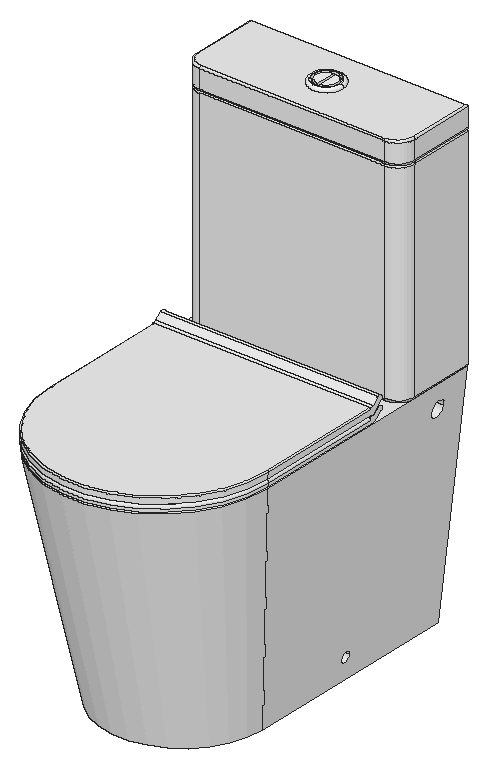
Revit family "Reece_Toilet_Kado_Lux_Close Coupled Back to Wall", category Plumbing Fixtures, Revit 2018
Family settings
  Round Connector Dimension = Use Diameter
  Part Type = Normal
  Work Plane-Based = No
  Always vertical = Yes
  Cut with Voids When Loaded = No
  Shared = No
  Room Calculation Point = No
Parameters (values of type "Soft Close Quick Release Thin_Bottom Inlet_White")
  URL = "https://www.reece.com.au/product/-1805495"
  Type Comments = "Toilet"
  Reece_Seat_Visibility = yes
  Reece_Seat-Type = Reece_Seat_Kado Lux_Thin_Wide_Nested : Reece_140 Axis Distance 455x395
  Reece_Seat_Height = 435 mm  # constant formula
  Reece_S_Trap = 102 mm  # constant formula
  Reece_Product_Web Page = "https://www.reece.com.au/product/-1805495"
  Reece_Product_Type = "Toilet"  # constant formula
  Reece_Product_Sub Brand = "Lux"  # constant formula
  Reece_Product_Number = "1805495"
  Reece_Product_Mount = "Back to Wall"
  Reece_Product_Description = "Kado Lux Close Coupled Back To Wall Rimless Overheight Bottom Inlet Toilet Suite with Thin Soft Close Quick Release Seat (4 Star)"
  Reece_Product_Brand = "Kado"  # constant formula
  Reece_P_Trap = 102 mm  # constant formula
  Reece_Overall_Width = 395 mm  # constant formula
  Reece_Overall_Length = 650 mm  # constant formula
  Reece_Overall_Height = 860 mm  # constant formula
  Reece_Material_Secondary = Reece_Brass_Chrome
  Reece_Material_Seat = Reece_Acrylic_White
  Reece_Material-Main = Reece_Vitreous China_White
  Reece_Material_Cistern = Reece_Vitreous China_White
  Reece_Detail_Installation = "Overheight"
  Reece_Detail_Disclaimer = "THIS FILE IS THE PROPERTY OF THE REECE GROUP. IT MAY NOT BE REPRODUCED, REVERSE-ENGINEERED, OR MODIFIED. ANY REPUBLICATION, TRANSMISSION, OR DISTRIBUTION FOR THE PURPOSE OF COMMERCIALLY EXPLOITING THE FILES IS PROHIBITED."  # constant formula
  Reece_Detail_Connector = "P Trap / S Trap"
  Reece_Detail_Additional = "Rimless"
  Reece_Bottom_Inlet = 30 mm
  Reece_Back_Inlet = 0 mm
  Model = "Lux"
  Manufacturer = "Kado"
  Keynote = "Product #1805495, Reece_Toilet_Kado_Lux_Close Coupled Back to Wall - Soft Close Quick Release Thin_Bottom Inlet_White"
  Disclaimer = "THIS FILE IS THE PROPERTY OF THE REECE GROUP. IT MAY NOT BE REPRODUCED, REVERSE-ENGINEERED, OR MODIFIED. ANY REPUBLICATION, TRANSMISSION, OR DISTRIBUTION FOR THE PURPOSE OF COMMERCIALLY EXPLOITING THE FILES IS PROHIBITED."  # constant formula
  Description = "Kado Lux Close Coupled Back To Wall Rimless Overheight Bottom Inlet Toilet Suite with Thin Soft Close Quick Release Seat (4 Star)"
Types (4, lengths in mm): name | URL | Reece_Seat-Type | Reece_Product_Web Page | Reece_Product_Number | Reece_Product_Description | Reece_Bottom_Inlet | Reece_Back_Inlet | Keynote | Description
  Soft Close Quick Release_Back Inlet_White | "https://www.reece.com.au/product/-1805492" | Reece_Seat_Kado Lux_Standard_Wide_Nested : Reece_140 Axis Distance 455x395 | "https://www.reece.com.au/product/-1805492" | "1805492" | "Kado Lux Close Coupled Back To Wall Rimless Overheight Back Inlet Toilet Suite with Soft Close Quick Release Seat White (4 Star)" | 0 | 30 | "Product #1805492, Reece_Toilet_Kado_Lux_Close Coupled Back to Wall - Soft Close Quick Release_Back Inlet_White" | "Kado Lux Close Coupled Back To Wall Rimless Overheight Back Inlet Toilet Suite with Soft Close Quick Release Seat White (4 Star)"
  Soft Close Quick Release Thin_Back Inlet_White | "https://www.reece.com.au/product/-1805494" | Reece_Seat_Kado Lux_Thin_Wide_Nested : Reece_140 Axis Distance 455x395 | "https://www.reece.com.au/product/-1805494" | "1805494" | "Kado Lux Close Coupled Back To Wall Rimless Overheight Back Inlet Toilet Suite with Thin Soft Close Quick Release Seat White (4 Star)" | 0 | 30 | "Product #1805494, Reece_Toilet_Kado_Lux_Close Coupled Back to Wall - Soft Close Quick Release Thin_Back Inlet_White" | "Kado Lux Close Coupled Back To Wall Rimless Overheight Back Inlet Toilet Suite with Thin Soft Close Quick Release Seat White (4 Star)"
  Soft Close Quick Release_Bottom Inlet_White | "https://www.reece.com.au/product/-1805493" | Reece_Seat_Kado Lux_Standard_Wide_Nested : Reece_140 Axis Distance 455x395 | "https://www.reece.com.au/product/-1805493" | "1805493" | "Kado Lux Close Coupled Back To Wall Rimless Overheight Bottom Inlet Toilet Suite with Soft Close Quick Release Seat (4 Star)" | 30 | 0 | "Product #1805493, Reece_Toilet_Kado_Lux_Close Coupled Back to Wall - Soft Close Quick Release_Bottom Inlet_White" | "Kado Lux Close Coupled Back To Wall Rimless Overheight Bottom Inlet Toilet Suite with Soft Close Quick Release Seat (4 Star)"
  Soft Close Quick Release Thin_Bottom Inlet_White | "https://www.reece.com.au/product/-1805495" | Reece_Seat_Kado Lux_Thin_Wide_Nested : Reece_140 Axis Distance 455x395 | "https://www.reece.com.au/product/-1805495" | "1805495" | "Kado Lux Close Coupled Back To Wall Rimless Overheight Bottom Inlet Toilet Suite with Thin Soft Close Quick Release Seat (4 Star)" | 30 | 0 | "Product #1805495, Reece_Toilet_Kado_Lux_Close Coupled Back to Wall - Soft Close Quick Release Thin_Bottom Inlet_White" | "Kado Lux Close Coupled Back To Wall Rimless Overheight Bottom Inlet Toilet Suite with Thin Soft Close Quick Release Seat (4 Star)"
Reference planes
  plane 1: y = 0
  plane 2: z = 0
  plane 3 "Center (Left/Right)": x = 0
  plane 4 "Center (Front/Back)": y = 325
  plane 5: y = -325
  plane 6: z = 435
  plane 7: z = 860
  plane 8: x = -70
  plane 9: x = 70
  plane 10: z = 390
  plane 11: x = 197.5
  plane 12: x = -197.5
  plane 13: z = 800
  plane 14: y = 130.582
Forms (mm)
  Sweep 1, solid, material "Reece_Vitreous China_White" <- "Reece_Material_Cistern"
    path origin (0, 0, 0) x (1, 0, 0) y (0, 1, 0)
      loop
        line (-197.5, 325) -> (-197.5, 205)
        arc (-197.5, 205) -> (-188.713, 183.787) -> (-167.5, 175) r 30
        line (-167.5, 175) -> (167.5, 175)
        arc (167.5, 175) -> (188.713, 183.787) -> (197.5, 205) r 30
        line (197.5, 205) -> (197.5, 325) -> (-197.5, 325)
    profile origin (-197.5, 265, 0) x (1, 0, 0) y (0, 0, 1)
      loop
        arc (3, 820) -> (0.879, 819.121) -> (0, 817) r 3
        line (0, 817) -> (0, 438)
        arc (0, 438) -> (0.879, 435.879) -> (3, 435) r 3
        line (3, 435) -> (26.349, 435) -> (26.349, 820) -> (3, 820)
  Extrusion 2, solid, material "Reece_Vitreous China_White" <- "Reece_Material_Cistern"
    sketch origin (0, 0, 0) x (1, 0, 0) y (0, 1, 0)
      loop
        arc (167.5, 201.031) -> (170.307, 202.193) -> (171.469, 205) r 3.969
        line (171.469, 205) -> (171.469, 325) -> (-171.469, 325) -> (-171.469, 205)
        arc (-171.469, 205) -> (-170.307, 202.193) -> (-167.5, 201.031) r 3.969
        line (-167.5, 201.031) -> (167.5, 201.031)
    from 820 to 860
  Sweep 3, solid, material "Reece_Vitreous China_White" <- "Reece_Material_Cistern"
    path origin (0, 0, 0) x (1, 0, 0) y (0, 1, 0)
      loop
        line (197.5, 325) -> (197.5, 205)
        arc (197.5, 205) -> (188.713, 183.787) -> (167.5, 175) r 30
        line (167.5, 175) -> (-167.5, 175)
        arc (-167.5, 175) -> (-188.713, 183.787) -> (-197.5, 205) r 30
        line (-197.5, 205) -> (-197.5, 325)
    profile origin (-197.5, 265, 0) x (-1, 0, 0) y (0, 0, 1)
      loop
        line (0, 823) -> (0, 857)
        arc (0, 857) -> (-0.879, 859.121) -> (-3, 860) r 3
        line (-3, 860) -> (-26.031, 860) -> (-26.031, 820) -> (-3, 820)
        arc (-3, 820) -> (-0.879, 820.879) -> (0, 823) r 3
  Revolve 4, solid, material "Reece_Brass_Chrome" <- "Reece_Material_Secondary"
    sketch origin (0, 252.5, 0) x (1, 0, 0) y (0, 0, 1)
      loop
        line (-23, 860) -> (-23, 865) -> (-25, 865)
        arc (-25, 865) -> (-28.536, 863.536) -> (-30, 860) r 5
        line (-30, 860) -> (-23, 860)
      axis (0, 865) -> (0, 860)
    angle from 0 to 360
  Extrusion 5, solid, material "Reece_Brass_Chrome" <- "Reece_Material_Secondary"
    sketch origin (0, -12.5, 0) x (1, 0, 0) y (0, 1, 0)
      loop
        arc (-2.245, 283.867) -> (-19, 265) -> (-2.245, 246.133) r 19
        line (-2.245, 246.133) -> (-2.245, 283.867)
      loop
        line (2.245, 283.867) -> (2.245, 246.133)
        arc (2.245, 246.133) -> (19, 265) -> (2.245, 283.867) r 19
    from 860 to 865
  SweptBlend 6, solid, material "Reece_Vitreous China_White" <- "Reece_Material-Main"
    path origin (0, 0, 0) x (0, 1, 0) y (0, 0, 1)
      loop
        line (325, 435) -> (325, 0)
    profile origin (0, 325, 435) x (1, 0, 0) y (0, 1, 0)
      loop
        line (196.918, -452.5) -> (196.918, 0) -> (-196.918, 0) -> (-196.918, -452.5)
        arc (-196.918, -452.5) -> (0, -649.418) -> (196.918, -452.5) r 196.918
    end profile origin (0, 325, 0) x (1, 0, 0) y (0, 1, 0)
      loop
        line (143.477, -397.483) -> (143.477, 0) -> (-143.477, 0) -> (-143.477, -397.483)
        arc (-143.477, -397.483) -> (0, -540.96) -> (143.477, -397.483) r 143.477
  Extrusion 7, void
    sketch origin (0, 0, 0) x (0, 1, 0) y (0, 0, 1)
      loop
        circle (110, 40) r 10
    from 75 to 197.5
  Extrusion 8, void
    sketch origin (-272.5, 0, 0) x (0, 1, 0) y (0, 0, 1)
      loop
        circle (110, 40) r 10
    from 75 to 197.5
  SweptBlend 9, void
    path origin (0, 0, 0) x (0, 1, 0) y (0, 0, 1)
      loop
        line (0.291, 435) -> (0.291, 180)
    profile origin (0, 0.291, 435) x (1, 0, 0) y (0, 1, 0)
      loop
        line (-156.014, -33.584) -> (-156.014, -127.791)
        arc (-156.014, -127.791) -> (0, -283.805) -> (156.014, -127.791) r 156.014
        line (156.014, -127.791) -> (156.014, -33.584)
        arc (156.014, -33.584) -> (147.881, 2.699) -> (125.039, 32.039) r 85
        arc (125.039, 32.039) -> (0, 76.887) -> (-125.039, 32.039) r 196.731
        arc (-125.039, 32.039) -> (-147.881, 2.699) -> (-156.014, -33.584) r 85
    end profile origin (0, 0.291, 180) x (1, 0, 0) y (0, 1, 0)
      loop
        arc (32.929, 21.109) -> (0, 26.887) -> (-32.929, 21.109) r 96.731
        arc (-32.929, 21.109) -> (-49.667, 8.299) -> (-56.014, -11.8) r 35
        line (-56.014, -11.8) -> (-56.014, -77.791)
        arc (-56.014, -77.791) -> (0, -133.805) -> (56.014, -77.791) r 56.014
        line (56.014, -77.791) -> (56.014, -11.8)
        arc (56.014, -11.8) -> (49.667, 8.299) -> (32.929, 21.109) r 35
  Extrusion 10, void
    sketch origin (0, 0, 0) x (1, 0, 0) y (0, 0, 1)
      loop
        circle (0, 180) r 51
    from -325 to -265
  Extrusion 11, void
    sketch origin (0, 397.5, -37.5) x (0, -1, 0) y (1, 0, 0)
      loop
        circle (180, 0) r 51
    from 37.5 to 117.5
  Extrusion 12, void
    sketch origin (0, 0, 0) x (0, 1, 0) y (0, 0, 1)
      loop
        circle (265, 390) r 15
    from 143.477 to 197.5
  Extrusion 13, void
    sketch origin (0, 0, 0) x (0, 1, 0) y (0, 0, -1)
      loop
        circle (265, -390) r 15
    from 143.477 to 197.5
  Extrusion 14, void
    sketch origin (0, 0, 0) x (1, 0, 0) y (0, 0, 1)
      loop
        circle (-80, 800) r 15
    from -325 to -308.219
Cuts and joins
  joined: Extrusion 2, Sweep 3
  Extrusion 7, Extrusion 8, SweptBlend 9, Extrusion 10, Extrusion 11, Extrusion 12, Extrusion 13 cuts SweptBlend 6
  Extrusion 14 cuts Sweep 1
Dimensions and locks
  equal spacing: plane 4 "Center (Front/Back)", plane 1, plane 5
  "Reece_Overall_Length": plane 4 "Center (Front/Back)" to plane 5
  "Reece_Overall_Height": plane 7 to level
  "Reece_Overall_Width": plane 12 to plane 11
  equal spacing: plane 12, plane 3 "Center (Left/Right)", plane 11
  "Reece_Seat_Height": plane 6 to level
  aligned and locked: level to plane 2
  aligned and locked: plane 7 to Extrusion 2
  aligned and locked: Extrusion 5 to Revolve 4
  aligned and locked: Extrusion 5 to plane 7
  aligned and locked: Sweep 1 to Extrusion 12
  aligned and locked: Sweep 1 to Extrusion 13
  aligned and locked: SweptBlend 6 to Extrusion 12
  aligned and locked: SweptBlend 6 to Extrusion 13
  aligned and locked: Sweep 1 to Extrusion 14
  aligned and locked: plane 4 "Center (Front/Back)" to Extrusion 14
  aligned and locked: plane 14 to nested 1
Automatic sketch dimensions
  Sweep 1 sketch curve to plane 4 "Center (Front/Back)" = 0 mm
  Sweep 1 sketch curve to plane 12 = 0 mm
  Sweep 1 sketch curve to plane 11 = 0 mm
  plane 12 to Sweep 1 sketch curve = 30 mm
  Sweep 1 sketch curve to Sweep 1 sketch curve = 30 mm
  profile plane to Sweep 1 sketch curve = 0 mm
  Sweep 1 sketch curve to profile plane = 3 mm  (x2)
  Sweep 1 sketch curve to Sweep 1 sketch curve = 23.349 mm
  Sweep 1 sketch curve to Sweep 1 sketch curve = 379 mm
  Extrusion 2 sketch curve to plane 4 "Center (Front/Back)" = 0 mm
  plane 12 to Extrusion 2 sketch curve = 26.031 mm
  Extrusion 2 sketch curve to Extrusion 2 sketch curve = 3.969 mm
  Extrusion 2 sketch curve to plane 11 = 30 mm
  Extrusion 2 sketch curve to plane 11 = 26.031 mm
  Sweep 3 sketch curve to plane 4 "Center (Front/Back)" = 0 mm  (x2)
  Sweep 3 sketch curve to plane 12 = 0 mm
  Sweep 3 sketch curve to plane 11 = 0 mm
  plane 12 to Sweep 3 sketch curve = 30 mm
  Sweep 3 sketch curve to plane 11 = 30 mm
  Sweep 3 sketch curve to profile plane = 0 mm
  profile plane to Sweep 3 sketch curve = 3 mm
  Sweep 3 sketch curve to Sweep 3 sketch curve = 3 mm
  Sweep 3 sketch curve to Sweep 3 sketch curve = 23.031 mm
  level to Sweep 3 sketch curve = 820 mm
  Sweep 3 sketch curve to Sweep 3 sketch curve = 34 mm
  Revolve 4 sketch curve to plane 7 = 0 mm
  Revolve 4 sketch curve to plane 3 "Center (Left/Right)" = 0 mm
  Revolve 4 sketch curve to plane 3 "Center (Left/Right)" = 23 mm
  Revolve 4 sketch curve to Revolve 4 sketch curve = 2 mm
  Revolve 4 sketch curve to Revolve 4 sketch curve = 5 mm
  Revolve 4 sketch curve to plane 13 = 80 mm
  Revolve 4 sketch curve to Revolve 4 sketch curve = 95 mm
  Extrusion 5 sketch curve to Extrusion 5 sketch curve = 0 mm  (x4)
  Extrusion 5 sketch curve to plane 3 "Center (Left/Right)" = 0 mm
  Extrusion 5 sketch curve to plane 3 "Center (Left/Right)" = 2.245 mm
  plane 3 "Center (Left/Right)" to Extrusion 5 sketch curve = 2.245 mm
  SweptBlend 6 sketch curve to level = 0 mm
  SweptBlend 6 sketch curve to plane 4 "Center (Front/Back)" = 0 mm
  SweptBlend 6 sketch curve to plane 6 = 0 mm
  profile plane to SweptBlend 6 sketch curve = 0 mm  (x2)
  SweptBlend 6 sketch curve to plane 3 "Center (Left/Right)" = 0 mm  (x2)
  SweptBlend 6 sketch curve to plane 3 "Center (Left/Right)" = 196.918 mm
  profile plane to SweptBlend 6 sketch curve = 452.5 mm
  SweptBlend 6 sketch curve to plane 3 "Center (Left/Right)" = 143.477 mm
  profile plane to SweptBlend 6 sketch curve = 397.483 mm
  level to Extrusion 7 sketch curve = 40 mm
  level to Extrusion 8 sketch curve = 40 mm
  SweptBlend 9 sketch curve to plane 6 = 0 mm
  SweptBlend 9 sketch curve to plane 1 = 0.291 mm
  SweptBlend 9 sketch curve to plane 3 "Center (Left/Right)" = 0 mm  (x4)
  profile plane to SweptBlend 9 sketch curve = 33.584 mm  (x2)
  SweptBlend 9 sketch curve to plane 3 "Center (Left/Right)" = 71.014 mm
  SweptBlend 9 sketch curve to SweptBlend 9 sketch curve = 85 mm
  plane 3 "Center (Left/Right)" to SweptBlend 9 sketch curve = 71.014 mm
  SweptBlend 9 sketch curve to SweptBlend 9 sketch curve = 86.26 mm
  SweptBlend 9 sketch curve to SweptBlend 9 sketch curve = 94.207 mm
  SweptBlend 9 sketch curve to SweptBlend 9 sketch curve = 0 mm  (x2)
  profile plane to SweptBlend 9 sketch curve = 11.8 mm  (x2)
  SweptBlend 9 sketch curve to plane 3 "Center (Left/Right)" = 21.014 mm
  SweptBlend 9 sketch curve to SweptBlend 9 sketch curve = 35 mm
  plane 3 "Center (Left/Right)" to SweptBlend 9 sketch curve = 21.014 mm
  SweptBlend 9 sketch curve to SweptBlend 9 sketch curve = 58.044 mm
  SweptBlend 9 sketch curve to SweptBlend 9 sketch curve = 7.946 mm
  Extrusion 10 sketch curve to plane 3 "Center (Left/Right)" = 0 mm
  Extrusion 11 sketch curve to plane 3 "Center (Left/Right)" = 0 mm
  Extrusion 12 sketch curve to plane 10 = 0 mm
  Extrusion 13 sketch curve to plane 10 = 0 mm
  Extrusion 14 sketch curve to plane 13 = 0 mm
  Extrusion 7 sketch curve to plane 14 = 20.582 mm
  Extrusion 8 sketch curve to plane 14 = 20.582 mm
  plane 8 to Extrusion 14 sketch curve = 10 mm
  plane 14 to Sweep 1 sketch curve = 74.418 mm
  plane 14 to Extrusion 2 sketch curve = 74.418 mm
  plane 14 to Sweep 3 sketch curve = 74.418 mm
  Extrusion 5 sketch curve to plane 4 "Center (Front/Back)" = 91.367 mm
  Extrusion 5 sketch curve to Extrusion 5 sketch curve = 18.867 mm
  plane 14 to Extrusion 11 sketch curve = 86.918 mm
  Extrusion 12 sketch curve to plane 4 "Center (Front/Back)" = 60 mm
  Extrusion 13 sketch curve to plane 4 "Center (Front/Back)" = 60 mm
  level to Sweep 1 sketch curve = 435 mm
  level to SweptBlend 9 sketch curve = 180 mm
  level to Extrusion 10 sketch curve = 180 mm
  radius of Extrusion 7 sketch curve = 10 mm
  radius of Extrusion 8 sketch curve = 10 mm
  radius of Extrusion 10 sketch curve = 51 mm
  radius of Extrusion 11 sketch curve = 51 mm
  radius of Extrusion 12 sketch curve = 15 mm
  radius of Extrusion 13 sketch curve = 15 mm
  radius of Extrusion 14 sketch curve = 15 mm
Nested families
  nested 1: "Reece_Seat_Kado Lux_Thin_Wide_Nested" at (0, 105.545, 435), visible <- "Reece_Seat_Visibility", type <- "Reece_Seat-Type", Reece_Material_Seat <- "Reece_Material_Seat", type "Reece_140 Axis Distance 455x395"
    with Reece_Material_Seat Reece_Acrylic_White
Connectors
  piping at (0, 265, 180), diameter 102, driven by "Reece_P_Trap"
    settings: on cut or joined group of SweptBlend 6, Extrusion 7, Extrusion 8, SweptBlend 9, Extrusion 10, Extrusion 11, Extrusion 12, Extrusion 13, index 1, connector inside diameter 609.6 mm, connector length 0 mm, flow factor 0, pipe flow 0.0 L/s, pressure drop 0.0 Pa, fitting loss kfactor 0, connector angle 0.00°, fixture units 0, engagement length 0 mm, angle of deflection 0.00°, flow configuration 0, flow direction 0, fitting loss method 0, system type 7, joint type 0, gender type 0, connector reference index -1, connector utility 0, adjustable connector no, is connector primary yes, connector description ""
  piping at (0, 217.5, 80), diameter 102, driven by "Reece_S_Trap"
    settings: on cut or joined group of SweptBlend 6, Extrusion 7, Extrusion 8, SweptBlend 9, Extrusion 10, Extrusion 11, Extrusion 12, Extrusion 13, index 2, connector inside diameter 609.6 mm, connector length 0 mm, flow factor 0, pipe flow 0.0 L/s, pressure drop 0.0 Pa, fitting loss kfactor 0, connector angle 0.00°, fixture units 0, engagement length 0 mm, angle of deflection 0.00°, flow configuration 0, flow direction 0, fitting loss method 0, system type 7, joint type 0, gender type 0, connector reference index -1, connector utility 0, adjustable connector no, is connector primary no, connector description ""
  piping at (-143.477, 265, 390), diameter 30, driven by "Reece_Bottom_Inlet"
    settings: on cut or joined group of SweptBlend 6, Extrusion 7, Extrusion 8, SweptBlend 9, Extrusion 10, Extrusion 11, Extrusion 12, Extrusion 13, index 4, connector inside diameter 609.6 mm, connector length 0 mm, flow factor 0, pipe flow 0.0 L/s, pressure drop 0.0 Pa, fitting loss kfactor 0, connector angle 0.00°, fixture units 0, engagement length 0 mm, angle of deflection 0.00°, flow configuration 0, flow direction 0, fitting loss method 0, system type 7, joint type 0, gender type 0, connector reference index -1, connector utility 0, adjustable connector no, is connector primary no, connector description ""
  piping at (143.477, 265, 390), diameter 30, driven by "Reece_Bottom_Inlet"
    settings: on cut or joined group of SweptBlend 6, Extrusion 7, Extrusion 8, SweptBlend 9, Extrusion 10, Extrusion 11, Extrusion 12, Extrusion 13, index 5, connector inside diameter 609.6 mm, connector length 0 mm, flow factor 0, pipe flow 0.0 L/s, pressure drop 0.0 Pa, fitting loss kfactor 0, connector angle 0.00°, fixture units 0, engagement length 0 mm, angle of deflection 0.00°, flow configuration 0, flow direction 0, fitting loss method 0, system type 7, joint type 0, gender type 0, connector reference index -1, connector utility 0, adjustable connector no, is connector primary no, connector description ""
  piping at (-80, 308.219, 800), driven by "Reece_Back_Inlet"
    settings: on cut or joined group of Sweep 1, Extrusion 14, index 6, connector diameter 0 mm, connector inside diameter 609.6 mm, connector length 0 mm, flow factor 0, pipe flow 0.0 L/s, pressure drop 0.0 Pa, fitting loss kfactor 0, connector angle 0.00°, fixture units 0, engagement length 0 mm, angle of deflection 0.00°, flow configuration 0, flow direction 0, fitting loss method 0, system type 7, joint type 0, gender type 0, connector reference index -1, connector utility 0, adjustable connector no, is connector primary no, connector description ""
Definition of nested family "Reece_Seat_Kado Lux_Thin_Wide_Nested"
  Parameters (values of type "Reece_140 Axis Distance 455x395")
    WFU = 0  # constant formula
    Reece_Product_Web Page = ""
    Reece_Product_Number = ""
    Reece_Product_Mount = ""
    Reece_Product_Description = ""
    Reece_Product_Brand = ""
    Reece_Product_Sub Brand = ""
    Reece_Overall_Width = 395 mm
    Reece_Overall-Radius = 0 mm
    Reece_Overall_Length = 455 mm
    Reece_Overall_Height = 0 mm
    Reece_Overall-Diameter = 0 mm
    Reece_Material_Seat [instance] = none
    Reece_Detail_Installation = ""
    Reece_Detail_Connector = ""
    Reece_Detail_Additional = ""
    Reece_Axis Distance = 140 mm
    HWFU = 0  # constant formula
    Default Elevation = 1000 mm
    CWFU = 0  # constant formula
  Reference planes
    plane 1 "Center (Front/Back)": y = 0
    plane 2: z = 0
    plane 3 "Center (Left/Right)": x = 0
    plane 4: x = -70
    plane 5: x = 70
    plane 6: y = -429.963
    plane 7: y = 25.037
    plane 8: z = 28
    plane 9: z = 40
    plane 10: x = -197.5
    plane 11: x = 197.5
    plane 12: y = -388.477
  Forms (mm)
    Extrusion 1, solid
      sketch origin (619.2, -619.2, 0) x (1, 0, 0) y (0, 1, 0)
        loop
          line (-1119.2, 819.2) -> (-1119.2, 3.223) -> (-118.279, 3.223) -> (-118.279, 819.2) -> (-1119.2, 819.2)
      from 0 to -30
    Sweep 2, solid, material <- "Reece_Material_Seat"
      path origin (0, -104.963, -400) x (1, 0, 0) y (0, 1, 0)
        loop
          line (197.5, 104.963) -> (197.5, -127.5)
          arc (197.5, -127.5) -> (0, -325) -> (-197.5, -127.5) r 197.5
          line (-197.5, -127.5) -> (-197.5, 104.963)
      profile origin (197.5, 0, -400) x (1, 0, 0) y (0, 0, 1)
        loop
          line (0, 403) -> (0, 408)
          arc (0, 408) -> (-1.464, 411.536) -> (-5, 413) r 5
          line (-5, 413) -> (-41.486, 413) -> (-41.486, 403) -> (0, 403)
        loop
          line (0, 416.005) -> (0, 426)
          arc (0, 426) -> (-0.586, 427.414) -> (-2, 428) r 2
          line (-2, 428) -> (-41.486, 428) -> (-41.486, 416.005) -> (0, 416.005)
    Extrusion 3, solid, material <- "Reece_Material_Seat"
      sketch origin (0, -104.963, -400) x (1, 0, 0) y (0, 1, 0)
        loop
          circle (-70, 104.963) r 20
        loop
          circle (70, 105.264) r 20
      from 400 to 413.005
    Extrusion 4, solid, material <- "Reece_Material_Seat"
      sketch origin (0, 0, 0) x (0, 1, 0) y (0, 0, 1)
        loop
          line (0, 16.005) -> (3.431, 16.005)
          arc (3.431, 16.005) -> (5.535, 16.392) -> (7.364, 17.502) r 5.914
          line (7.364, 17.502) -> (23.668, 32.019)
          arc (23.668, 32.019) -> (24.05, 38.608) -> (17.46, 38.991) r 4.668
          line (17.46, 38.991) -> (7.391, 30.025)
          arc (7.391, 30.025) -> (4.917, 28.523) -> (2.071, 28) r 8
          line (2.071, 28) -> (0, 28) -> (0, 16.005)
        loop
          line (17.46, 21.97) -> (10.228, 15.531)
          arc (10.228, 15.531) -> (7.136, 13.654) -> (3.578, 13) r 10
          line (3.578, 13) -> (0, 13) -> (0, 3) -> (4.482, 3)
          arc (4.482, 3) -> (9.818, 3.981) -> (14.457, 6.797) r 15
          line (14.457, 6.797) -> (23.668, 14.998)
          arc (23.668, 14.998) -> (24.05, 21.588) -> (17.46, 21.97) r 4.668
      from -197.5 to 197.5
    Extrusion 5, solid, material <- "Reece_Material_Seat"
      sketch origin (0, 0, 0) x (1, 0, 0) y (0, 1, 0)
        loop
          arc (-156.014, -232.463) -> (0, -388.477) -> (156.014, -232.463) r 156.014
          line (156.014, -232.463) -> (156.014, 0) -> (-156.014, 0) -> (-156.014, -232.463)
      from 16.005 to 28
  Cuts and joins
    joined: Sweep 2, Extrusion 4, Extrusion 5
  Text (mm)
    text "Reece Copyright © 2018, Reece Ltd." at (-1403.988, -1192.393, 0), in view "Ref. Level"
    text "Reece ©" at (89.411, 471.952, 360.32), in view "Reece Preview"
  Dimensions and locks
    locked: plane 6 to Sweep 2 sketch curve at 0
    plane 8 to level = 28 mm
    "Reece_Overall_Width": plane 10 to plane 11
    "Reece_Axis Distance": plane 4 to plane 5
    "Reece_Overall_Length": plane 7 to plane 6
    equal spacing: plane 10, plane 3 "Center (Left/Right)", plane 11
    locked: plane 12 to plane 6 at 41.486
    equal spacing: plane 4, plane 3 "Center (Left/Right)", plane 5
    aligned and locked: plane 2 to Extrusion 1
    aligned and locked: level to Extrusion 1
    aligned and locked: plane 1 "Center (Front/Back)" to Sweep 2 sketch curve  (x2)
    aligned and locked: plane 11 to Sweep 2 sketch curve
    aligned and locked: Sweep 2 sketch curve to plane 10
    aligned and locked: Sweep 2 to Extrusion 4
    aligned and locked: Extrusion 4 to Sweep 2
    aligned and locked: Extrusion 5 sketch curve to cut or joined group of Sweep 2, Extrusion 4, Extrusion 5  (x2)
    aligned and locked: cut or joined group of Sweep 2, Extrusion 4, Extrusion 5 to Extrusion 5 sketch curve
    aligned and locked: cut or joined group of Sweep 2, Extrusion 4, Extrusion 5 to Extrusion 5  (x2)
    aligned and locked: Sweep 2 sketch curve to plane 11  (x2)
  Automatic sketch dimensions
    Extrusion 1 sketch curve to Extrusion 1 sketch curve = 1000.921 mm
    Extrusion 1 sketch curve to Extrusion 1 sketch curve = 815.977 mm
    Extrusion 3 sketch curve to plane 1 "Center (Front/Back)" = 0 mm
    Extrusion 3 sketch curve to plane 4 = 0 mm
    Extrusion 3 sketch curve to plane 1 "Center (Front/Back)" = 0.301 mm
    Extrusion 3 sketch curve to Extrusion 3 sketch curve = 140 mm
    Extrusion 4 sketch curve to plane 1 "Center (Front/Back)" = 0 mm  (x2)
    Extrusion 4 sketch curve to plane 8 = 0 mm
    Extrusion 4 sketch curve to plane 1 "Center (Front/Back)" = 2.071 mm
    Extrusion 4 sketch curve to Extrusion 4 sketch curve = 3.431 mm
    Extrusion 4 sketch curve to Extrusion 4 sketch curve = 0.147 mm
    Extrusion 4 sketch curve to plane 1 "Center (Front/Back)" = 4.482 mm
    Extrusion 4 sketch curve to Extrusion 4 sketch curve = 2.882 mm
    plane 8 to Extrusion 4 sketch curve = 2.025 mm
    Extrusion 4 sketch curve to Extrusion 4 sketch curve = 5.32 mm
    Extrusion 4 sketch curve to Extrusion 4 sketch curve = 2.865 mm
    level to Extrusion 4 sketch curve = 6.797 mm
    Extrusion 4 sketch curve to Extrusion 4 sketch curve = 4.228 mm
    Extrusion 4 sketch curve to plane 7 = 7.577 mm  (x2)
    Extrusion 4 sketch curve to plane 9 = 1.009 mm
    Extrusion 4 sketch curve to plane 7 = 4.473 mm  (x2)
    Extrusion 4 sketch curve to plane 7 = 1.369 mm  (x2)
    level to Extrusion 4 sketch curve = 3 mm
    Extrusion 4 sketch curve to Extrusion 4 sketch curve = 5 mm
    Extrusion 4 sketch curve to Extrusion 4 sketch curve = 3.005 mm
    Extrusion 4 sketch curve to Extrusion 4 sketch curve = 0.498 mm
    Extrusion 4 sketch curve to Extrusion 4 sketch curve = 3.486 mm
    plane 8 to Extrusion 4 sketch curve = 4.019 mm
    Extrusion 4 sketch curve to Extrusion 4 sketch curve = 8.201 mm
    Extrusion 4 sketch curve to Extrusion 4 sketch curve = 1.971 mm
    profile plane to Sweep 2 sketch curve = 2 mm
    Sweep 2 sketch curve to Sweep 2 sketch curve = 5 mm  (x2)
    Sweep 2 sketch curve to Sweep 2 sketch curve = 36.486 mm
    Sweep 2 sketch curve to Sweep 2 sketch curve = 0 mm
    profile plane to Sweep 2 sketch curve = 403 mm
    Sweep 2 sketch curve to Sweep 2 sketch curve = 3.005 mm
    Sweep 2 sketch curve to Sweep 2 sketch curve = 9.995 mm
    radius of Extrusion 3 sketch curve = 20 mm  (x2)
